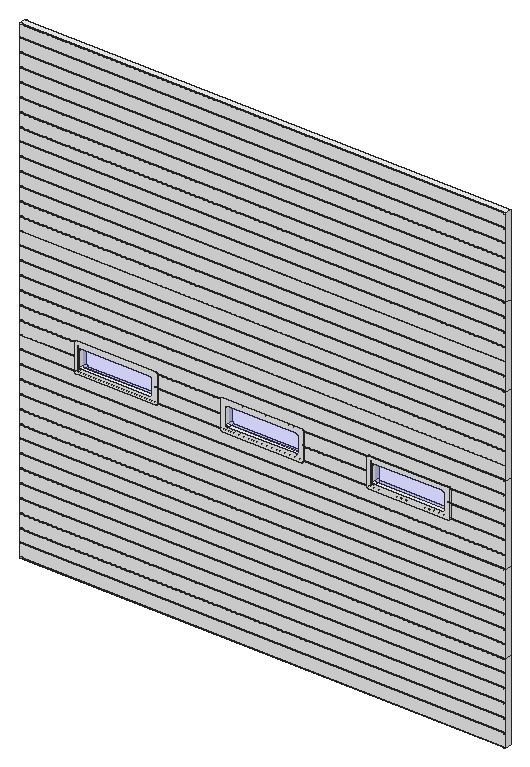
Revit family
Parameters (values of type "By Type")
  Windload = "Doors available rated for various design pressures; consult Clopay for avaialbility and specifications"
  VisSection6 = NumSections = 6  # yes
  VisSection5 = NumSections > 4  # yes
  VisSection4 = NumSections > 3  # yes
  VisSection3 = NumSections > 2  # yes
  VisArray = NumSections > 6  # no
  URL = "www.clopaydoor.com"
  Track = "Galvanized steel (gauge varies according to door size)"
  Thickness = 0' - 3"  # constant formula
  Spec Wizard = "http://www.arcat.com/specwizard/08360clo/index.htm"
  Section Height = Height / NumSections  # 2' - 0"
  Section 5 Glazing = Section : Solid
  Section 4 Glazing = Section : Solid
  Section 3 Glazing = Section : Windows - 24x8
  Sales Information = "http://www.clopaydoor.com/where-to-buy.aspx?type=dealer"
  Rough Width = 0' - 0"  # constant formula
  Rough Height = 0' - 0"  # constant formula
  R-Value = "22.2"
  Product Features and Benefits = "http://www.clopaydoor.com/insulated-polyurethane-applications.aspx"
  Overlapping Jamb = yes
  Overlap = if(Overlapping Jamb, 0' 1", 0' 0")  # 0' - 1"
  Opening Width = 12' - 0"
  Opening Height = 12' - 0"
  Omniclass Table = "23-30 10 17 37 "
  NumSectionsNotRounded = Height / 2' 0"  # 6
  NumSections = NumSectionsNotRounded + 0.4999  # 6
  NumArraySections = if(NumSections > 6, NumSections - 5, 2)  # 2
  Model = "3300"
  Maximum Size = "Maximum 14' 2'' wide by 26' 0'' high. Additional limitations may apply due to door weight. Consult Clopay for specificiations and shop drawings."  # constant formula
  Manufacturer Website = "http://www.clopaydoor.com"
  Manufacturer Phone Number = "1-800-526-4301"
  Manufacturer Address = "1400 W. Market St., Troy, OH 45373"
  Manufacturer = "Clopay Building Products Company"
  LEED = "http://products.construction.com/swts_content_files/151607/303186.pdf"
  Keynote = "08 36 13"
  Interior Steel = "28 ga. galvanized, primed, and finish painted"
  Hardware = "14 ga. min. steel hinges; 10-ball steel rollers"
  Function = (empty or 0)
  Height = Opening Height + Rough Width * 0  # 12' - 0"
  Wall Closure = (empty or 0)
  Width = Opening Width + Rough Width * 0  # 12' - 0"
  FloorToSection7 = 6 * Section Height  # 12' - 0"
  FloorToSection6 = 5 * Section Height  # 10' - 0"
  FloorToSection5 = 4 * Section Height  # 8' - 0"
  FloorToSection4 = 3 * Section Height  # 6' - 0"
  FloorToSection3 = 2 * Section Height  # 4' - 0"
  FloorToSection2 = Section Height  # 2' - 0"
  File Revision = "00 (Aug, 2010)"
  Exterior Steel = "27 ga. galvanized, primed, and finish painted"
  Double End Stiles = Door Width > 14' 2"  # no
  Door Width = Opening Width + Overlap * 2  # 12' - 2"
  Door Height = Opening Height + Rough Width * 0  # 12' - 0"
  Description = "3'' thick polystyrene insulated, stucco embossed 25 gauge steel exterior with light ribbed pattern."
  Core Material = "Expanded polyurethane"
  Copyright = "2010, Clopay Building Products Company, Inc."
  Color = White
  CAD and Specifications = "http://www.clopaydoor.com/insulated-polyurethane-specs.aspx"
  Assembly Code = "B2030410"
Reference planes (in)
  plane 1 "Center (Front/Back)": y = 0
  plane 2 "Center (Left/Right)": x = 0
  plane 3 "Left": x = -72
  plane 4 "Right": x = 72
  plane 5 "Top": z = 144
  plane 6 "Exterior": y = 3
  plane 7 "Interior": y = -3
  plane 8: z = 120
  plane 9: z = 144
Lines and regions (in)
  Opening 1
    outline origin (-90, -3, 0) x (1, 0, 0) y (0, 0, 1)
      loop
        line (18, 0) -> (162, 0) -> (162, 144) -> (18, 144) -> (18, 0)
Text (in)
  text "Exterior" at (-74.96733, 27.31104, 0), in view "Ref. Level"
  text "Interior" at (-74.96733, -25.14366, 0), in view "Ref. Level"
  text "Exterior" at (0, 40.15149, 123.01588), in view "Right"
  text "Interior" at (0, -64.39139, 123.01588), in view "Right"
  text "Interior" at (0, -31.01599, 123.00693), in view "Left"
  text "Exterior" at (0, 54.57065, 123.00693), in view "Left"
Dimensions and locks (in)
  equal spacing: plane 3 "Left", plane 2 "Center (Left/Right)", plane 4 "Right"
  "Height": level to plane 5 "Top"
  "Width": plane 3 "Left" to plane 4 "Right"
  host wall to plane 5 "Top" = 12' - 0"
  nested 1 to plane 7 "Interior" = 0' - 0 1/2"
  "FloorToSection6": plane 8 to level
  "FloorToSection7": plane 9 to level
  group 1 to group 2 = 0' - 0"  (x2)
  group 1 to group 2 = 2' - 0"
  aligned and locked: plane 3 "Left" to Opening 1 sketch curve
  aligned and locked: plane 5 "Top" to Opening 1 sketch curve  (x2)
  aligned and locked: Opening 1 sketch curve to plane 4 "Right"
  aligned and locked: Opening 1 sketch curve to level
  aligned and locked: plane 6 "Exterior" to host wall
  aligned and locked: host wall to plane 7 "Interior"
  aligned and locked: plane 2 "Center (Left/Right)" to nested 2
  aligned and locked: plane 2 "Center (Left/Right)" to nested 3
  aligned and locked: plane 2 "Center (Left/Right)" to nested 4
  aligned and locked: plane 2 "Center (Left/Right)" to nested 6
  aligned and locked: nested 6 to plane 8
  aligned and locked: nested 7 to plane 9
  aligned and locked: plane 2 "Center (Left/Right)" to nested 10
  aligned and locked: plane 7 "Interior" to nested 2
  aligned and locked: plane 7 "Interior" to nested 3
  aligned and locked: plane 7 "Interior" to nested 4  (x2)
  aligned and locked: plane 7 "Interior" to nested 10  (x2)
  aligned and locked: plane 7 "Interior" to nested 7
  aligned and locked: nested 1 to nested 7
  aligned and locked: nested 1 to nested 6
  aligned and locked: host wall to nested 3
Nested families (in)
  nested 1: "Section" at (0, 0, 0), type "Solid"
  nested 2: "Section" at (0, 0, 24), built-in parameter 1001364 <- "Section Height", type "Solid"
  nested 3: "Section" at (0, 0, 120), built-in parameter 1001364 <- "FloorToSection6", visible <- "VisSection6", type "Solid"
  nested 4: "Section" at (0, 0, 96), built-in parameter 1001364 <- "FloorToSection5", type <- "Section 5 Glazing", visible <- "VisSection5", type "Solid"
  nested 5: "Section" at (0, 0, 72), type <- "Section 4 Glazing", built-in parameter 1001364 <- "FloorToSection4", visible <- "VisSection4", type "Solid"
  nested 6: "Section" at (0, 0, 120), visible <- "VisArray", type "Solid"
  nested 7: "Section" at (0, 0, 144), visible <- "VisArray", type "Solid"
  nested 8: "Section" at (0, 4.53003, 370.39685), type "Windows - 24x8", not visible
    with X9 1' - 5 1/2", X8 1' - 5 1/2", X7 1' - 5 1/2", X6 1' - 5 1/2", X5 1' - 5 1/2", X4 1' - 5 1/2", X3 8' - 9 1/2", X2 5' - 1 1/2", NumWindows 3, Half Door Width Neg -6' - 1", Half Door Width 6' - 1", X1 1' - 5 1/2", Door Width 12' - 2"
  nested 9: "Section" at (0, 4.29993, 370.39685), type "Windows - 40x14", not visible
  nested 10: "Section" at (0, 0, 48), built-in parameter 1001364 <- "FloorToSection3", type <- "Section 3 Glazing", type "Windows - 24x8"
    with X9 1' - 5 1/2", X8 1' - 5 1/2", X7 1' - 5 1/2", X6 1' - 5 1/2", X5 1' - 5 1/2", X4 1' - 5 1/2", X3 8' - 9 1/2", X2 5' - 1 1/2", NumWindows 3, Half Door Width Neg -6' - 1", Half Door Width 6' - 1", X1 1' - 5 1/2", Door Width 12' - 2"
Definition of nested family "Section"
  Parameters (values of type "Windows - 24x12")
    X9 = if(if(NumArrayedWindows < NumWindows, NumArrayedWindows + 1, NumWindows) < 9, X1, X8 + WindowSpacing)  # 3' - 6 1/2"
    X8 = if(if(NumArrayedWindows < NumWindows, NumArrayedWindows + 1, NumWindows) < 8, X1, X7 + WindowSpacing)  # 3' - 6 1/2"
    X7 = if(if(NumArrayedWindows < NumWindows, NumArrayedWindows + 1, NumWindows) < 7, X1, X6 + WindowSpacing)  # 3' - 6 1/2"
    X6 = if(if(NumArrayedWindows < NumWindows, NumArrayedWindows + 1, NumWindows) < 6, X1, X5 + WindowSpacing)  # 3' - 6 1/2"
    X5 = if(if(NumArrayedWindows < NumWindows, NumArrayedWindows + 1, NumWindows) < 5, X1, X4 + WindowSpacing)  # 3' - 6 1/2"
    X4 = if(if(NumArrayedWindows < NumWindows, NumArrayedWindows + 1, NumWindows) < 4, X1, X3 + WindowSpacing)  # 10' - 10 1/2"
    X3 = if(or(NumWindows < 3, SingleWindowVis), X1, X2 + WindowSpacing)  # 7' - 2 1/2"
    X2 = if(NumWindows < 2, ((Door Width - (NumWindows - 1) * WindowSpacing) / 2 - Cutout Width / 2), ((Door Width - (NumWindows - 1) * WindowSpacing) / 2 - Cutout Width / 2) + WindowSpacing)  # 3' - 6 1/2"
    Windows (2) = 3200 Window : 24x12
    Windows = 3200 Window Array : 24x12
    WindowSpacing = if(and(Door Width < 10' 0", Door Width > 9' 2"), 3' 4", 3' 8")  # 3' - 8"
    WindowArrayVis = and(or(and(Window Type Index = 4, Door Width > 7' 6", Door Width < 16' 3"), Window Type Index = 3, Window Type Index = 2), not(SingleWindowVis))  # yes
    WindowCutDepth = if(or(Window Type Index = 1, and(Door Width < 7' 8", Window Type Index = 4), and(Window Type Index = 4, Door Width > 16' 2")), -0' 0 13/128", 0' 2")  # 0' - 2"
    Window Type Index = 3
    SingleWindowVis = and(X2 = X1, NumWindows = 3, Window Type Index = 4)  # no
    Section Height = 2' - 0"
    RibSpacing = Section Height / (NumRibs + 1)  # 0' - 4"
    NumWindows = if(Door Width < 9' 4", 2, if(Door Width < 13' 4", 3, if(Door Width < 16' 4", 4, if(Door Width < 20' 4", 5, if(Door Width < 24' 4", 6, if(Door Width < 26' 4", 7, if(Door Width < 31' 8", 8, 10)))))))  # 5
    NumRibs = if(Section Height < 1' 9", 3, if(Section Height < 2' 0", 4, 5))  # 5
    NumArrayedWindows = if(X2 = X1, if(NumWindows < 4, 2, NumWindows - 2), NumWindows)  # 3
    Half Section Height = Section Height / 2  # 1' - 0"
    Half Door Width Neg = -Half Door Width  # -8' - 2"
    Half Door Width = Door Width / 2  # 8' - 2"
    Half Cutout Height = Cutout Height / 2  # 0' - 5 1/2"
    Function = (empty or 0)
    Height = 0' - 0"
    Wall Closure = (empty or 0)
    Width = 0' - 0"
    X1 = if(if(Window Type Index = 4, if(or(and(Door Width < 11' 0", Door Width > 9' 2"), and(Door Width < 15' 3", Door Width > 13' 2")), X2, (Door Width - (NumWindows - 1) * WindowSpacing) / 2 - Cutout Width / 2), if(or(and(Door Width > 16' 2", Door Width < 16' 7")), X2, (Door Width - (NumWindows - 1) * WindowSpacing) / 2 - Cutout Width / 2)) < 0' 1", 0' 1", if(Window Type Index = 4, if(or(and(Door Width < 11' 0", Door Width > 9' 2"), and(Door Width < 15' 3", Door Width > 13' 2")), X2, (Door Width - (NumWindows - 1) * WindowSpacing) / 2 - Cutout Width / 2), if(or(and(Door Width > 16' 2", Door Width < 16' 7")), X2, (Door Width - (NumWindows - 1) * WindowSpacing) / 2 - Cutout Width / 2)))  # 3' - 6 1/2"
    Door Width = 16' - 4"
    CutoutToCutout = 1' - 0"
    Cutout Width = if(Window Type Index = 4, 3' 2", 1' 11")  # 1' - 11"
    Cutout Height = if(Window Type Index = 4, 1' 0", if(Window Type Index = 3, 0' 11", 0' 7"))  # 0' - 11"
    Color = White
    BtmTo1stRib = RibSpacing  # 0' - 4"
    Assembly Code = ""
  Types (4): name | X9 | X8 | X7 | X6 | X5 | X4 | X3 | X2 | Windows (2) | Windows | WindowArrayVis | WindowCutDepth | Window Type Index | NumWindows | Half Door Width Neg | Half Door Width | Half Cutout Height | X1 | Door Width | Cutout Width | Cutout Height
    Windows - 24x12 | 3' - 6 1/2" | 3' - 6 1/2" | 3' - 6 1/2" | 3' - 6 1/2" | 3' - 6 1/2" | 10' - 10 1/2" | 7' - 2 1/2" | 3' - 6 1/2" | 3200 Window : 24x12 | 3200 Window Array : 24x12 | yes | 0' - 2" | 3 | 5 | -8' - 2" | 8' - 2" | 0' - 5 1/2" | 3' - 6 1/2" | 16' - 4" | 1' - 11" | 0' - 11"
    Windows - 24x8 | 3' - 6 1/2" | 3' - 6 1/2" | 3' - 6 1/2" | 3' - 6 1/2" | 3' - 6 1/2" | 10' - 10 1/2" | 7' - 2 1/2" | 3' - 6 1/2" | 3200 Window : 24x8 | 3200 Window Array : 24x8 | yes | 0' - 2" | 2 | 5 | -8' - 2" | 8' - 2" | 0' - 3 1/2" | 3' - 6 1/2" | 16' - 4" | 1' - 11" | 0' - 7"
    Solid | 1' - 5 1/2" | 1' - 5 1/2" | 1' - 5 1/2" | 1' - 5 1/2" | 1' - 5 1/2" | 1' - 5 1/2" | 8' - 9 1/2" | 5' - 1 1/2" | 3200 Window : 24x8 | 3200 Window : 24x8 | no | -0' - 0 13/128" | 1 | 3 | -6' - 1" | 6' - 1" | 0' - 3 1/2" | 1' - 5 1/2" | 12' - 2" | 1' - 11" | 0' - 7"
    Windows - 40x14 | 0' - 10" | 0' - 10" | 0' - 10" | 0' - 10" | 0' - 10" | 0' - 10" | 8' - 2" | 4' - 6" | 3200 Window : 40x14 | 3200 Window Array : 40x14 | yes | 0' - 2" | 4 | 3 | -6' - 1" | 6' - 1" | 0' - 6" | 0' - 10" | 12' - 2" | 3' - 2" | 1' - 0"
  Reference planes (in)
    plane 1 "Center (Front/Back)": y = 0
    plane 2 "Center (Left/Right)": x = 0
    plane 3 "Exterior": y = 3
    plane 4 "Interior": y = -3
    plane 5: y = -3.5
    plane 6: x = 98
    plane 7: x = -98
    plane 8: z = 4
    plane 9: z = 8
    plane 10: z = 24
    plane 11: z = 12
    plane 12: z = 0
  Forms (in)
    Extrusion 1, solid, material "White" <- "Color"
      sketch origin (-98, -12, 83.08252) x (0, 0, 1) y (0, -1, 0)
        loop
          line (-59.08252, -8.37573) -> (-59.08252, -6.62444)
          arc (-59.08252, -6.62444) -> (-59.11897, -6.53645) -> (-59.20696, -6.5) r 0.12444
          line (-59.20696, -6.5) -> (-82.95809, -6.5)
          arc (-82.95809, -6.5) -> (-83.04608, -6.53645) -> (-83.08252, -6.62444) r 0.12444
          line (-83.08252, -6.62444) -> (-83.08252, -8.37573)
          arc (-83.08252, -8.37573) -> (-83.04612, -8.4636) -> (-82.95825, -8.5) r 0.12427
          line (-82.95825, -8.5) -> (-59.20679, -8.5)
          arc (-59.20679, -8.5) -> (-59.11892, -8.4636) -> (-59.08252, -8.37573) r 0.12427
      from 0 to 196 <- "Door Width"
    Extrusion 2, void
      sketch origin (-98.15385, -3.5, 48) x (1, 0, 0) y (0, 0, 1)
        loop
          line (153.65385, -30.5) -> (130.65385, -30.5) -> (130.65385, -36) -> (153.65385, -36) -> (153.65385, -30.5)
      from 0 to 2 <- "WindowCutDepth"
    Extrusion 3, void
      sketch origin (-98.15385, -3.5, -24) x (1, 0, 0) y (0, 0, 1)
        loop
          line (153.65385, 30.5) -> (153.65385, 36) -> (130.65385, 36) -> (130.65385, 30.5) -> (153.65385, 30.5)
      from 0 to 2 <- "WindowCutDepth"
    Extrusion 4, void
      sketch origin (-136.15385, -3.5, 48) x (1, 0, 0) y (0, 0, 1)
        loop
          line (191.65385, -30.5) -> (168.65385, -30.5) -> (168.65385, -36) -> (191.65385, -36) -> (191.65385, -30.5)
      from 0 to 2 <- "WindowCutDepth"
    Extrusion 5, void
      sketch origin (-136.15385, -3.5, -24) x (1, 0, 0) y (0, 0, 1)
        loop
          line (191.65385, 30.5) -> (191.65385, 36) -> (168.65385, 36) -> (168.65385, 30.5) -> (191.65385, 30.5)
      from 0 to 2 <- "WindowCutDepth"
    Extrusion 6, void
      sketch origin (-171.15385, -3.5, 48) x (1, 0, 0) y (0, 0, 1)
        loop
          line (182.65385, -30.5) -> (159.65385, -30.5) -> (159.65385, -36) -> (182.65385, -36) -> (182.65385, -30.5)
      from 0 to 2 <- "WindowCutDepth"
    Extrusion 7, void
      sketch origin (-171.15385, -3.5, -24) x (1, 0, 0) y (0, 0, 1)
        loop
          line (182.65385, 30.5) -> (182.65385, 36) -> (159.65385, 36) -> (159.65385, 30.5) -> (182.65385, 30.5)
      from 0 to 2 <- "WindowCutDepth"
    Extrusion 8, void
      sketch origin (-214.15385, -3.5, 48) x (1, 0, 0) y (0, 0, 1)
        loop
          line (181.65385, -30.5) -> (158.65385, -30.5) -> (158.65385, -36) -> (181.65385, -36) -> (181.65385, -30.5)
      from 0 to 2 <- "WindowCutDepth"
    Extrusion 9, void
      sketch origin (-214.15385, -3.5, -24) x (1, 0, 0) y (0, 0, 1)
        loop
          line (181.65385, 30.5) -> (181.65385, 36) -> (158.65385, 36) -> (158.65385, 30.5) -> (181.65385, 30.5)
      from 0 to 2 <- "WindowCutDepth"
    Extrusion 10, void
      sketch origin (-256.15385, -3.5, 48) x (1, 0, 0) y (0, 0, 1)
        loop
          line (311.65385, -30.5) -> (288.65385, -30.5) -> (288.65385, -36) -> (311.65385, -36) -> (311.65385, -30.5)
      from 0 to 2 <- "WindowCutDepth"
    Extrusion 11, void
      sketch origin (-256.15385, -3.5, -24) x (1, 0, 0) y (0, 0, 1)
        loop
          line (311.65385, 30.5) -> (311.65385, 36) -> (288.65385, 36) -> (288.65385, 30.5) -> (311.65385, 30.5)
      from 0 to 2 <- "WindowCutDepth"
    Extrusion 12, void
      sketch origin (-294.15385, -3.5, 48) x (1, 0, 0) y (0, 0, 1)
        loop
          line (349.65385, -30.5) -> (326.65385, -30.5) -> (326.65385, -36) -> (349.65385, -36) -> (349.65385, -30.5)
      from 0 to 2 <- "WindowCutDepth"
    Extrusion 13, void
      sketch origin (-294.15385, -3.5, -24) x (1, 0, 0) y (0, 0, 1)
        loop
          line (349.65385, 30.5) -> (349.65385, 36) -> (326.65385, 36) -> (326.65385, 30.5) -> (349.65385, 30.5)
      from 0 to 2 <- "WindowCutDepth"
    Extrusion 14, void
      sketch origin (-331.15385, -3.5, 48) x (1, 0, 0) y (0, 0, 1)
        loop
          line (386.65385, -30.5) -> (363.65385, -30.5) -> (363.65385, -36) -> (386.65385, -36) -> (386.65385, -30.5)
      from 0 to 2 <- "WindowCutDepth"
    Extrusion 15, void
      sketch origin (-331.15385, -3.5, -24) x (1, 0, 0) y (0, 0, 1)
        loop
          line (386.65385, 30.5) -> (386.65385, 36) -> (363.65385, 36) -> (363.65385, 30.5) -> (386.65385, 30.5)
      from 0 to 2 <- "WindowCutDepth"
    Extrusion 16, void
      sketch origin (-368.15385, -3.5, 48) x (1, 0, 0) y (0, 0, 1)
        loop
          line (423.65385, -30.5) -> (400.65385, -30.5) -> (400.65385, -36) -> (423.65385, -36) -> (423.65385, -30.5)
      from 0 to 2 <- "WindowCutDepth"
    Extrusion 17, void
      sketch origin (-368.15385, -3.5, -24) x (1, 0, 0) y (0, 0, 1)
        loop
          line (423.65385, 30.5) -> (423.65385, 36) -> (400.65385, 36) -> (400.65385, 30.5) -> (423.65385, 30.5)
      from 0 to 2 <- "WindowCutDepth"
    Extrusion 18, void
      sketch origin (-407.15385, -3.5, 48) x (1, 0, 0) y (0, 0, 1)
        loop
          line (462.65385, -30.5) -> (439.65385, -30.5) -> (439.65385, -36) -> (462.65385, -36) -> (462.65385, -30.5)
      from 0 to 2 <- "WindowCutDepth"
    Extrusion 19, void
      sketch origin (-407.15385, -3.5, -24) x (1, 0, 0) y (0, 0, 1)
        loop
          line (462.65385, 30.5) -> (462.65385, 36) -> (439.65385, 36) -> (439.65385, 30.5) -> (462.65385, 30.5)
      from 0 to 2 <- "WindowCutDepth"
    Extrusion 20, void
      sketch origin (0, -17.99967, -0.5) x (0, 1, 0) y (0, 0, -1)
        loop
          line (14.49967, -4.62727) -> (14.49967, -4.37273) -> (14.46935, -4.41942)
          arc (14.46935, -4.41942) -> (14.46214, -4.43506) -> (14.45967, -4.4521) r 0.06
          line (14.45967, -4.4521) -> (14.45967, -4.5479)
          arc (14.45967, -4.5479) -> (14.46214, -4.56494) -> (14.46935, -4.58058) r 0.06
          line (14.46935, -4.58058) -> (14.49967, -4.62727)
      from -98 <- "Half Door Width Neg" to 196 <- "Door Width"
    Extrusion 21, void
      sketch origin (0, -17.99967, 3.5) x (0, 1, 0) y (0, 0, -1)
        loop
          line (14.49967, -4.62727) -> (14.49967, -4.37273) -> (14.46935, -4.41942)
          arc (14.46935, -4.41942) -> (14.46214, -4.43506) -> (14.45967, -4.4521) r 0.06
          line (14.45967, -4.4521) -> (14.45967, -4.5479)
          arc (14.45967, -4.5479) -> (14.46214, -4.56494) -> (14.46935, -4.58058) r 0.06
          line (14.46935, -4.58058) -> (14.49967, -4.62727)
      from -98 <- "Half Door Width Neg" to 196 <- "Door Width"
    Extrusion 22, void
      sketch origin (0, -17.99967, 7.5) x (0, 1, 0) y (0, 0, -1)
        loop
          line (14.49967, -4.62727) -> (14.49967, -4.37273) -> (14.46935, -4.41942)
          arc (14.46935, -4.41942) -> (14.46214, -4.43506) -> (14.45967, -4.4521) r 0.06
          line (14.45967, -4.4521) -> (14.45967, -4.5479)
          arc (14.45967, -4.5479) -> (14.46214, -4.56494) -> (14.46935, -4.58058) r 0.06
          line (14.46935, -4.58058) -> (14.49967, -4.62727)
      from -98 <- "Half Door Width Neg" to 196 <- "Door Width"
    Extrusion 23, void
      sketch origin (0, -8.99984, -0.5) x (0, 1, 0) y (0, 0, -1)
        loop
          line (3.5, -4.62727) -> (3.53032, -4.58058)
          arc (3.53032, -4.58058) -> (3.53753, -4.56494) -> (3.54, -4.5479) r 0.06
          line (3.54, -4.5479) -> (3.54, -4.4521)
          arc (3.54, -4.4521) -> (3.53753, -4.43506) -> (3.53032, -4.41942) r 0.06
          line (3.53032, -4.41942) -> (3.5, -4.37273) -> (3.5, -4.62727)
      from -98 <- "Half Door Width Neg" to 196 <- "Door Width"
    Extrusion 24, void
      sketch origin (0, -8.99984, 3.5) x (0, 1, 0) y (0, 0, -1)
        loop
          line (3.5, -4.62727) -> (3.53032, -4.58058)
          arc (3.53032, -4.58058) -> (3.53753, -4.56494) -> (3.54, -4.5479) r 0.06
          line (3.54, -4.5479) -> (3.54, -4.4521)
          arc (3.54, -4.4521) -> (3.53753, -4.43506) -> (3.53032, -4.41942) r 0.06
          line (3.53032, -4.41942) -> (3.5, -4.37273) -> (3.5, -4.62727)
      from -98 <- "Half Door Width Neg" to 196 <- "Door Width"
    Extrusion 25, void
      sketch origin (0, -8.99984, 7.5) x (0, 1, 0) y (0, 0, -1)
        loop
          line (3.5, -4.62727) -> (3.53032, -4.58058)
          arc (3.53032, -4.58058) -> (3.53753, -4.56494) -> (3.54, -4.5479) r 0.06
          line (3.54, -4.5479) -> (3.54, -4.4521)
          arc (3.54, -4.4521) -> (3.53753, -4.43506) -> (3.53032, -4.41942) r 0.06
          line (3.53032, -4.41942) -> (3.5, -4.37273) -> (3.5, -4.62727)
      from -98 <- "Half Door Width Neg" to 196 <- "Door Width"
    Extrusion 26, void
      sketch origin (0, -17.99967, 11.5) x (0, 1, 0) y (0, 0, -1)
        loop
          line (14.49967, -4.62727) -> (14.49967, -4.37273) -> (14.46935, -4.41942)
          arc (14.46935, -4.41942) -> (14.46214, -4.43506) -> (14.45967, -4.4521) r 0.06
          line (14.45967, -4.4521) -> (14.45967, -4.5479)
          arc (14.45967, -4.5479) -> (14.46214, -4.56494) -> (14.46935, -4.58058) r 0.06
          line (14.46935, -4.58058) -> (14.49967, -4.62727)
      from -98 <- "Half Door Width Neg" to 196 <- "Door Width"
    Extrusion 27, void
      sketch origin (0, -8.99984, 15.5) x (0, 1, 0) y (0, 0, -1)
        loop
          line (5.49984, -4.62727) -> (5.49984, -4.37273) -> (5.46952, -4.41942)
          arc (5.46952, -4.41942) -> (5.46231, -4.43506) -> (5.45984, -4.4521) r 0.06
          line (5.45984, -4.4521) -> (5.45984, -4.5479)
          arc (5.45984, -4.5479) -> (5.46231, -4.56494) -> (5.46952, -4.58058) r 0.06
          line (5.46952, -4.58058) -> (5.49984, -4.62727)
      from -98 <- "Half Door Width Neg" to 196 <- "Door Width"
    Extrusion 28, void
      sketch origin (0, -8.99984, 11.5) x (0, 1, 0) y (0, 0, -1)
        loop
          line (3.5, -4.62727) -> (3.53032, -4.58058)
          arc (3.53032, -4.58058) -> (3.53753, -4.56494) -> (3.54, -4.5479) r 0.06
          line (3.54, -4.5479) -> (3.54, -4.4521)
          arc (3.54, -4.4521) -> (3.53753, -4.43506) -> (3.53032, -4.41942) r 0.06
          line (3.53032, -4.41942) -> (3.5, -4.37273) -> (3.5, -4.62727)
      from -98 <- "Half Door Width Neg" to 196 <- "Door Width"
    Extrusion 29, void
      sketch origin (0, -8.99984, 15.5) x (0, 1, 0) y (0, 0, -1)
        loop
          line (3.5, -4.62727) -> (3.53032, -4.58058)
          arc (3.53032, -4.58058) -> (3.53753, -4.56494) -> (3.54, -4.5479) r 0.06
          line (3.54, -4.5479) -> (3.54, -4.4521)
          arc (3.54, -4.4521) -> (3.53753, -4.43506) -> (3.53032, -4.41942) r 0.06
          line (3.53032, -4.41942) -> (3.5, -4.37273) -> (3.5, -4.62727)
      from -98 <- "Half Door Width Neg" to 196 <- "Door Width"
  Cuts and joins
    Extrusion 2, Extrusion 3, Extrusion 4, Extrusion 5, Extrusion 6, Extrusion 7, Extrusion 8, Extrusion 9, Extrusion 10, Extrusion 11, Extrusion 12, Extrusion 13, Extrusion 14, Extrusion 15, Extrusion 16, Extrusion 17, Extrusion 18, Extrusion 19, Extrusion 20, Extrusion 21, Extrusion 22, Extrusion 23, Extrusion 24, Extrusion 25, Extrusion 26, Extrusion 27, Extrusion 28, Extrusion 29 cuts Extrusion 1
  Lines and regions (in)
    reference lines
      curve 1: line (-72, -3.54, 4) -> (-72, -3.5, 4)
      curve 2: line (-72, -3.54, 8) -> (-72, -3.5, 8)
      curve 3: line (-72, -3.54, 12) -> (-72, -3.5, 12)
      curve 4: line (-72, -5.45984, 4) -> (-72, -5.49984, 4)
      curve 5: line (-72, -5.45984, 8) -> (-72, -5.49984, 8)
      curve 6: line (-72, -5.45984, 12) -> (-72, -5.49984, 12)
      curve 7: line (-72, -3.54, 16) -> (-72, -3.5, 16)
      curve 8: line (-72, -3.54, 20) -> (-72, -3.5, 20)
      curve 9: line (-72, -5.45984, 16) -> (-72, -5.49984, 16)
      curve 10: line (-72, -5.45984, 20) -> (-72, -5.49984, 20)
  Text (in)
    text "Exterior" at (-74.96733, 27.31104, 0), in view "Ref. Level"
    text "Interior" at (-74.96733, -25.14366, 0), in view "Ref. Level"
    text "Exterior" at (0, 40.15149, 123.01588), in view "Right"
    text "Interior" at (0, -64.39139, 123.01588), in view "Right"
    text "Interior" at (0, -31.01599, 123.00693), in view "Left"
    text "Exterior" at (0, 54.57065, 123.00693), in view "Left"
  Dimensions and locks (in)
    plane 4 "Interior" to plane 5 = 0' - 0 1/2"
    "Half Door Width": plane 2 "Center (Left/Right)" to plane 7
    "Half Door Width": plane 6 to plane 2 "Center (Left/Right)"
    Extrusion 1 sketch curve to Extrusion 1 sketch curve = 0' - 2"
    "BtmTo1stRib": plane 8 to level
    "RibSpacing": plane 9 to plane 8
    "Section Height": plane 10 to level
    "Half Section Height": level to plane 11
    "Cutout Width": Extrusion 2 sketch curve to Extrusion 2 sketch curve
    "Half Cutout Height": Extrusion 2 sketch curve to Extrusion 2 sketch curve
    "Cutout Width": Extrusion 3 sketch curve to Extrusion 3 sketch curve
    "Half Cutout Height": Extrusion 3 sketch curve to Extrusion 3 sketch curve
    "X1": cut or joined group 1 (Extrusion 1, Extrusion 2, Extrusion 3, Extrusion 4, Extrusion 5, Extrusion 6, Extrusion 7, Extrusion 8, Extrusion 9, Extrusion 10, Extrusion 11, Extrusion 12, Extrusion 13, Extrusion 14, Extrusion 15, Extrusion 16, Extrusion 17, Extrusion 18, Extrusion 19, Extrusion 20, Extrusion 21, Extrusion 22, Extrusion 23, Extrusion 24, Extrusion 25, Extrusion 26, Extrusion 27, Extrusion 28, Extrusion 29) to cut or joined group 1
    "Cutout Width": Extrusion 4 sketch curve to Extrusion 4 sketch curve
    "Half Cutout Height": Extrusion 4 sketch curve to Extrusion 4 sketch curve
    "Cutout Width": Extrusion 5 sketch curve to Extrusion 5 sketch curve
    "Half Cutout Height": Extrusion 5 sketch curve to Extrusion 5 sketch curve
    "Cutout Width": Extrusion 6 sketch curve to Extrusion 6 sketch curve
    "Half Cutout Height": Extrusion 6 sketch curve to Extrusion 6 sketch curve
    "Cutout Width": Extrusion 7 sketch curve to Extrusion 7 sketch curve
    "Half Cutout Height": Extrusion 7 sketch curve to Extrusion 7 sketch curve
    "X2": plane 6 to cut or joined group 1
    "X3": plane 6 to cut or joined group 1
    "Cutout Width": Extrusion 8 sketch curve to Extrusion 8 sketch curve
    "Half Cutout Height": Extrusion 8 sketch curve to Extrusion 8 sketch curve
    "Cutout Width": Extrusion 9 sketch curve to Extrusion 9 sketch curve
    "Half Cutout Height": Extrusion 9 sketch curve to Extrusion 9 sketch curve
    "Cutout Width": Extrusion 10 sketch curve to Extrusion 10 sketch curve
    "Half Cutout Height": Extrusion 10 sketch curve to Extrusion 10 sketch curve
    "Cutout Width": Extrusion 11 sketch curve to Extrusion 11 sketch curve
    "Half Cutout Height": Extrusion 11 sketch curve to Extrusion 11 sketch curve
    "Cutout Width": Extrusion 12 sketch curve to Extrusion 12 sketch curve
    "Half Cutout Height": Extrusion 12 sketch curve to Extrusion 12 sketch curve
    "Cutout Width": Extrusion 13 sketch curve to Extrusion 13 sketch curve
    "Half Cutout Height": Extrusion 13 sketch curve to Extrusion 13 sketch curve
    "Cutout Width": Extrusion 14 sketch curve to Extrusion 14 sketch curve
    "Half Cutout Height": Extrusion 14 sketch curve to Extrusion 14 sketch curve
    "Cutout Width": Extrusion 15 sketch curve to Extrusion 15 sketch curve
    "Half Cutout Height": Extrusion 15 sketch curve to Extrusion 15 sketch curve
    "Cutout Width": Extrusion 16 sketch curve to Extrusion 16 sketch curve
    "Half Cutout Height": Extrusion 16 sketch curve to Extrusion 16 sketch curve
    "Cutout Width": Extrusion 17 sketch curve to Extrusion 17 sketch curve
    "Half Cutout Height": Extrusion 17 sketch curve to Extrusion 17 sketch curve
    "Cutout Width": Extrusion 18 sketch curve to Extrusion 18 sketch curve
    "Half Cutout Height": Extrusion 18 sketch curve to Extrusion 18 sketch curve
    "Cutout Width": Extrusion 19 sketch curve to Extrusion 19 sketch curve
    "Half Cutout Height": Extrusion 19 sketch curve to Extrusion 19 sketch curve
    "X4": plane 6 to cut or joined group 1
    "X5": plane 6 to cut or joined group 1
    "X6": plane 6 to cut or joined group 1
    "X7": plane 6 to cut or joined group 1
    "X8": plane 6 to cut or joined group 1
    "X9": plane 6 to cut or joined group 1
    locked: nested 1 to cut or joined group 1 at 1  (x2)
    locked: nested 1 to cut or joined group 1 at 0.125
    locked: nested 2 to cut or joined group 1 at 1  (x2)
    locked: nested 2 to plane 5 at 0.125
    Extrusion 20 sketch curve to Extrusion 20 sketch curve = 0' - 0.25454"
    Extrusion 20 sketch curve to Extrusion 20 sketch curve = 0' - 0.04"  (x2)
    Extrusion 20 sketch curve to curve 1 = 0' - 0.12727"
    Extrusion 21 sketch curve to Extrusion 21 sketch curve = 0' - 0.25454"
    Extrusion 21 sketch curve to Extrusion 21 sketch curve = 0' - 0.04"  (x2)
    Extrusion 21 sketch curve to curve 2 = 0' - 0.12727"
    equal spacing: group 1, group 2, group 3, group 7, group 8  (x3)
    Extrusion 22 sketch curve to Extrusion 22 sketch curve = 0' - 0.25454"
    Extrusion 22 sketch curve to Extrusion 22 sketch curve = 0' - 0.04"  (x2)
    Extrusion 22 sketch curve to curve 3 = 0' - 0.12727"
    locked: plane 5 to plane 4 "Interior" at 0.5
    Extrusion 23 sketch curve to Extrusion 23 sketch curve = 0' - 0.25454"
    Extrusion 23 sketch curve to Extrusion 23 sketch curve = 0' - 0.04"  (x2)
    Extrusion 23 sketch curve to curve 4 = 0' - 0.12727"
    Extrusion 24 sketch curve to Extrusion 24 sketch curve = 0' - 0.25454"
    Extrusion 24 sketch curve to Extrusion 24 sketch curve = 0' - 0.04"  (x2)
    Extrusion 24 sketch curve to curve 5 = 0' - 0.12727"
    equal spacing: group 4, group 5, group 6, group 9, group 10  (x3)
    Extrusion 25 sketch curve to Extrusion 25 sketch curve = 0' - 0.25454"
    Extrusion 25 sketch curve to Extrusion 25 sketch curve = 0' - 0.04"  (x2)
    Extrusion 25 sketch curve to curve 6 = 0' - 0.12727"
    Extrusion 26 sketch curve to Extrusion 26 sketch curve = 0' - 0.25454"
    Extrusion 26 sketch curve to Extrusion 26 sketch curve = 0' - 0.04"  (x2)
    Extrusion 26 sketch curve to curve 7 = 0' - 0.12727"
    Extrusion 27 sketch curve to Extrusion 27 sketch curve = 0' - 0.25454"
    Extrusion 27 sketch curve to Extrusion 27 sketch curve = 0' - 0.04"  (x2)
    Extrusion 27 sketch curve to curve 8 = 0' - 0.12727"
    Extrusion 28 sketch curve to Extrusion 28 sketch curve = 0' - 0.25454"
    Extrusion 28 sketch curve to Extrusion 28 sketch curve = 0' - 0.04"  (x2)
    Extrusion 28 sketch curve to curve 9 = 0' - 0.12727"
    Extrusion 29 sketch curve to Extrusion 29 sketch curve = 0' - 0.25454"
    Extrusion 29 sketch curve to Extrusion 29 sketch curve = 0' - 0.04"  (x2)
    Extrusion 29 sketch curve to curve 10 = 0' - 0.12727"
    radius of Extrusion 1 sketch curve = 0' - 0.12427"  (x2)
    radius of Extrusion 1 sketch curve = 0' - 0.12444"  (x2)
    angle Extrusion 20 sketch curve to Extrusion 20 sketch curve = 147.00°  (x2)
    angle Extrusion 21 sketch curve to Extrusion 21 sketch curve = 147.00°  (x2)
    angle Extrusion 22 sketch curve to Extrusion 22 sketch curve = 147.00°  (x2)
    angle Extrusion 23 sketch curve to Extrusion 23 sketch curve = 147.00°  (x2)
    angle Extrusion 24 sketch curve to Extrusion 24 sketch curve = 147.00°  (x2)
    angle Extrusion 25 sketch curve to Extrusion 25 sketch curve = 147.00°  (x2)
    angle Extrusion 26 sketch curve to Extrusion 26 sketch curve = 147.00°  (x2)
    angle Extrusion 27 sketch curve to Extrusion 27 sketch curve = 147.00°  (x2)
    angle Extrusion 28 sketch curve to Extrusion 28 sketch curve = 147.00°  (x2)
    angle Extrusion 29 sketch curve to Extrusion 29 sketch curve = 147.00°  (x2)
    aligned and locked: Extrusion 1 sketch curve to plane 5
    aligned and locked: Extrusion 2 sketch curve to plane 11
    aligned and locked: plane 11 to Extrusion 3 sketch curve
    aligned and locked: cut or joined group 1 to cut or joined group 1  (x9)
    aligned and locked: plane 12 to level
    aligned: plane 9 to curve 2  (x2)
    aligned and locked: plane 8 to curve 4
    aligned and locked: curve 5 to plane 9
    aligned and locked: plane 8 to curve 1
    aligned and locked: plane 9 to curve 2
  Automatic sketch dimensions
    curve 1 to curve 1 = 0' - 0.04"
    Extrusion 20 sketch curve to Extrusion 20 sketch curve = 0' - 0"
    Extrusion 20 sketch curve to Extrusion 20 sketch curve = 0' - 0.02"
    Extrusion 20 sketch curve to Extrusion 20 sketch curve = 0' - 0.00968"  (x2)
    Extrusion 21 sketch curve to Extrusion 21 sketch curve = 0' - 0"
    Extrusion 21 sketch curve to Extrusion 21 sketch curve = 0' - 0.02"
    Extrusion 21 sketch curve to Extrusion 21 sketch curve = 0' - 0.00968"  (x2)
    Extrusion 22 sketch curve to Extrusion 22 sketch curve = 0' - 0"
    Extrusion 22 sketch curve to Extrusion 22 sketch curve = 0' - 0.02"
    Extrusion 22 sketch curve to Extrusion 22 sketch curve = 0' - 0.00968"  (x2)
    Extrusion 23 sketch curve to Extrusion 23 sketch curve = 0' - 0"
    Extrusion 23 sketch curve to Extrusion 23 sketch curve = 0' - 0.02"
    Extrusion 23 sketch curve to Extrusion 23 sketch curve = 0' - 0.00968"  (x2)
    Extrusion 1 sketch curve to level = 0' - 0"
    Extrusion 1 sketch curve to plane 10 = 0' - 0"
    plane 2 "Center (Left/Right)" to Extrusion 2 sketch curve = 2' - 8 1/2"
    plane 2 "Center (Left/Right)" to Extrusion 3 sketch curve = 2' - 8 1/2"
    Extrusion 4 sketch curve to plane 11 = 0' - 0"
    plane 2 "Center (Left/Right)" to Extrusion 4 sketch curve = 2' - 8 1/2"
    Extrusion 5 sketch curve to plane 11 = 0' - 0"
    plane 2 "Center (Left/Right)" to Extrusion 5 sketch curve = 2' - 8 1/2"
    Extrusion 6 sketch curve to plane 11 = 0' - 0"
    plane 7 to Extrusion 6 sketch curve = 7' - 2 1/2"
    Extrusion 7 sketch curve to plane 11 = 0' - 0"
    plane 7 to Extrusion 7 sketch curve = 7' - 2 1/2"
    Extrusion 8 sketch curve to plane 11 = 0' - 0"
    Extrusion 8 sketch curve to plane 2 "Center (Left/Right)" = 4' - 7 1/2"
    Extrusion 9 sketch curve to plane 11 = 0' - 0"
    Extrusion 9 sketch curve to plane 2 "Center (Left/Right)" = 4' - 7 1/2"
    Extrusion 10 sketch curve to plane 11 = 0' - 0"
    plane 2 "Center (Left/Right)" to Extrusion 10 sketch curve = 2' - 8 1/2"
    Extrusion 11 sketch curve to plane 11 = 0' - 0"
    plane 2 "Center (Left/Right)" to Extrusion 11 sketch curve = 2' - 8 1/2"
    Extrusion 12 sketch curve to plane 11 = 0' - 0"
    plane 2 "Center (Left/Right)" to Extrusion 12 sketch curve = 2' - 8 1/2"
    Extrusion 13 sketch curve to plane 11 = 0' - 0"
    plane 2 "Center (Left/Right)" to Extrusion 13 sketch curve = 2' - 8 1/2"
    Extrusion 14 sketch curve to plane 11 = 0' - 0"
    plane 2 "Center (Left/Right)" to Extrusion 14 sketch curve = 2' - 8 1/2"
    Extrusion 15 sketch curve to plane 11 = 0' - 0"
    plane 2 "Center (Left/Right)" to Extrusion 15 sketch curve = 2' - 8 1/2"
    Extrusion 16 sketch curve to plane 11 = 0' - 0"
    plane 2 "Center (Left/Right)" to Extrusion 16 sketch curve = 2' - 8 1/2"
    Extrusion 17 sketch curve to plane 11 = 0' - 0"
    plane 2 "Center (Left/Right)" to Extrusion 17 sketch curve = 2' - 8 1/2"
    Extrusion 18 sketch curve to plane 11 = 0' - 0"
    plane 2 "Center (Left/Right)" to Extrusion 18 sketch curve = 2' - 8 1/2"
    Extrusion 19 sketch curve to plane 11 = 0' - 0"
    plane 2 "Center (Left/Right)" to Extrusion 19 sketch curve = 2' - 8 1/2"
    Extrusion 24 sketch curve to Extrusion 24 sketch curve = 0' - 0"
    Extrusion 24 sketch curve to Extrusion 24 sketch curve = 0' - 0.02"
    Extrusion 24 sketch curve to Extrusion 24 sketch curve = 0' - 0.00968"  (x2)
    Extrusion 25 sketch curve to Extrusion 25 sketch curve = 0' - 0"
    Extrusion 25 sketch curve to Extrusion 25 sketch curve = 0' - 0.02"
    Extrusion 25 sketch curve to Extrusion 25 sketch curve = 0' - 0.00968"  (x2)
    Extrusion 26 sketch curve to Extrusion 26 sketch curve = 0' - 0"
    Extrusion 26 sketch curve to Extrusion 26 sketch curve = 0' - 0.02"
    Extrusion 26 sketch curve to Extrusion 26 sketch curve = 0' - 0.00968"  (x2)
    Extrusion 27 sketch curve to Extrusion 27 sketch curve = 0' - 0"
    Extrusion 27 sketch curve to Extrusion 27 sketch curve = 0' - 0.02"
    Extrusion 27 sketch curve to Extrusion 27 sketch curve = 0' - 0.00968"  (x2)
    Extrusion 28 sketch curve to Extrusion 28 sketch curve = 0' - 0"
    Extrusion 28 sketch curve to Extrusion 28 sketch curve = 0' - 0.02"
    Extrusion 28 sketch curve to Extrusion 28 sketch curve = 0' - 0.00968"  (x2)
    Extrusion 29 sketch curve to Extrusion 29 sketch curve = 0' - 0"
    Extrusion 29 sketch curve to Extrusion 29 sketch curve = 0' - 0.02"
    Extrusion 29 sketch curve to Extrusion 29 sketch curve = 0' - 0.00968"  (x2)
  Nested families (in)
    nested 1: "3200 Window Array" at (44, -3.375, 7.5) x (-1, 0, 0) z (0, 0, 1), type <- "Windows", visible <- "WindowArrayVis", type "24x12"
      with NumWindows 3, Frame Width 2' - 1", Frame Height 1' - 1"
    nested 2: "3200 Window" at (7.05882, -3.375, 6.85294), type <- "Windows (2)", visible <- "SingleWindowVis", type "24x12"
  Definition of nested family "3200 Window Array"
    Parameters (values of type "40x14")
      Window Spacing = 3' - 8"
      NumWindows = 4
      Frame Width = 3' - 4"
      Frame Height = 1' - 2"
      Color = Tan
      Assembly Code = ""
    Types (3): name | Frame Width | Frame Height
      24x8 | 2' - 1" | 0' - 9"
      28x14 | 2' - 4" | 1' - 2"
      40x14 | 3' - 4" | 1' - 2"
    Reference planes (in)
      plane 1 "Center (Front/Back)": y = 0
      plane 2: z = 0
      plane 3 "Center (Left/Right)": x = 0
      plane 4: y = -1
    Forms (in)
      Extrusion 1, solid, material "Tan" <- "Color"
        sketch origin (-1.38592, 0, 0) x (1, 0, 0) y (0, 0, 1)
          loop
            line (-15.92291, -0.72794) -> (19.57709, -0.72794)
            arc (19.57709, -0.72794) -> (20.01904, -0.54488) -> (20.20209, -0.10294) r 0.625
            line (20.20209, -0.10294) -> (20.20209, 9.39706)
            arc (20.20209, 9.39706) -> (20.01904, 9.839) -> (19.57709, 10.02206) r 0.625
            line (19.57709, 10.02206) -> (-15.92291, 10.02206)
            arc (-15.92291, 10.02206) -> (-16.36485, 9.839) -> (-16.54791, 9.39706) r 0.625
            line (-16.54791, 9.39706) -> (-16.54791, -0.10294)
            arc (-16.54791, -0.10294) -> (-16.36485, -0.54488) -> (-15.92291, -0.72794) r 0.625
          loop
            line (-17.54791, -2.35294) -> (21.20209, -2.35294)
            arc (21.20209, -2.35294) -> (21.64404, -2.16988) -> (21.82709, -1.72794) r 0.625
            line (21.82709, -1.72794) -> (21.82709, 11.02206)
            arc (21.82709, 11.02206) -> (21.64404, 11.464) -> (21.20209, 11.64706) r 0.625
            line (21.20209, 11.64706) -> (-17.54791, 11.64706)
            arc (-17.54791, 11.64706) -> (-17.98985, 11.464) -> (-18.17291, 11.02206) r 0.625
            line (-18.17291, 11.02206) -> (-18.17291, -1.72794)
            arc (-18.17291, -1.72794) -> (-17.98985, -2.16988) -> (-17.54791, -2.35294) r 0.625
        from 0 to 2.25
      Extrusion 2, solid, material "Glass"
        sketch origin (0, -1, 15.9844) x (0, 0, 1) y (-1, 0, 0)
          loop
            arc (-5.96234, 17.30882) -> (-6.1454, 17.75077) -> (-6.58734, 17.93382) r 0.625
            line (-6.58734, 17.93382) -> (-16.08734, 17.93382)
            arc (-16.08734, 17.93382) -> (-16.52928, 17.75077) -> (-16.71234, 17.30882) r 0.625
            line (-16.71234, 17.30882) -> (-16.71234, -18.19118)
            arc (-16.71234, -18.19118) -> (-16.52928, -18.63312) -> (-16.08734, -18.81618) r 0.625
            line (-16.08734, -18.81618) -> (-6.58734, -18.81618)
            arc (-6.58734, -18.81618) -> (-6.1454, -18.63312) -> (-5.96234, -18.19118) r 0.625
            line (-5.96234, -18.19118) -> (-5.96234, 17.30882)
        from 0 to 0.25
      Extrusion 3, solid, material "Tan" <- "Color"
        sketch origin (42.61408, 0, 0) x (1, 0, 0) y (0, 0, 1)
          loop
            line (-15.92291, -0.72794) -> (19.57709, -0.72794)
            arc (19.57709, -0.72794) -> (20.01904, -0.54488) -> (20.20209, -0.10294) r 0.625
            line (20.20209, -0.10294) -> (20.20209, 9.39706)
            arc (20.20209, 9.39706) -> (20.01904, 9.839) -> (19.57709, 10.02206) r 0.625
            line (19.57709, 10.02206) -> (-15.92291, 10.02206)
            arc (-15.92291, 10.02206) -> (-16.36485, 9.839) -> (-16.54791, 9.39706) r 0.625
            line (-16.54791, 9.39706) -> (-16.54791, -0.10294)
            arc (-16.54791, -0.10294) -> (-16.36485, -0.54488) -> (-15.92291, -0.72794) r 0.625
          loop
            line (-17.54791, -2.35294) -> (21.20209, -2.35294)
            arc (21.20209, -2.35294) -> (21.64404, -2.16988) -> (21.82709, -1.72794) r 0.625
            line (21.82709, -1.72794) -> (21.82709, 11.02206)
            arc (21.82709, 11.02206) -> (21.64404, 11.464) -> (21.20209, 11.64706) r 0.625
            line (21.20209, 11.64706) -> (-17.54791, 11.64706)
            arc (-17.54791, 11.64706) -> (-17.98985, 11.464) -> (-18.17291, 11.02206) r 0.625
            line (-18.17291, 11.02206) -> (-18.17291, -1.72794)
            arc (-18.17291, -1.72794) -> (-17.98985, -2.16988) -> (-17.54791, -2.35294) r 0.625
        from 0 to 2.25
      Extrusion 4, solid, material "Glass"
        sketch origin (44, -1, 15.9844) x (0, 0, 1) y (-1, 0, 0)
          loop
            arc (-5.96234, 17.30882) -> (-6.1454, 17.75077) -> (-6.58734, 17.93382) r 0.625
            line (-6.58734, 17.93382) -> (-16.08734, 17.93382)
            arc (-16.08734, 17.93382) -> (-16.52928, 17.75077) -> (-16.71234, 17.30882) r 0.625
            line (-16.71234, 17.30882) -> (-16.71234, -18.19118)
            arc (-16.71234, -18.19118) -> (-16.52928, -18.63312) -> (-16.08734, -18.81618) r 0.625
            line (-16.08734, -18.81618) -> (-6.58734, -18.81618)
            arc (-6.58734, -18.81618) -> (-6.1454, -18.63312) -> (-5.96234, -18.19118) r 0.625
            line (-5.96234, -18.19118) -> (-5.96234, 17.30882)
        from 0 to 0.25
      Extrusion 5, solid, material "Tan" <- "Color"
        sketch origin (86.61408, 0, 0) x (1, 0, 0) y (0, 0, 1)
          loop
            line (-15.92291, -0.72794) -> (19.57709, -0.72794)
            arc (19.57709, -0.72794) -> (20.01904, -0.54488) -> (20.20209, -0.10294) r 0.625
            line (20.20209, -0.10294) -> (20.20209, 9.39706)
            arc (20.20209, 9.39706) -> (20.01904, 9.839) -> (19.57709, 10.02206) r 0.625
            line (19.57709, 10.02206) -> (-15.92291, 10.02206)
            arc (-15.92291, 10.02206) -> (-16.36485, 9.839) -> (-16.54791, 9.39706) r 0.625
            line (-16.54791, 9.39706) -> (-16.54791, -0.10294)
            arc (-16.54791, -0.10294) -> (-16.36485, -0.54488) -> (-15.92291, -0.72794) r 0.625
          loop
            line (-17.54791, -2.35294) -> (21.20209, -2.35294)
            arc (21.20209, -2.35294) -> (21.64404, -2.16988) -> (21.82709, -1.72794) r 0.625
            line (21.82709, -1.72794) -> (21.82709, 11.02206)
            arc (21.82709, 11.02206) -> (21.64404, 11.464) -> (21.20209, 11.64706) r 0.625
            line (21.20209, 11.64706) -> (-17.54791, 11.64706)
            arc (-17.54791, 11.64706) -> (-17.98985, 11.464) -> (-18.17291, 11.02206) r 0.625
            line (-18.17291, 11.02206) -> (-18.17291, -1.72794)
            arc (-18.17291, -1.72794) -> (-17.98985, -2.16988) -> (-17.54791, -2.35294) r 0.625
        from 0 to 2.25
      Extrusion 6, solid, material "Glass"
        sketch origin (88, -1, 15.9844) x (0, 0, 1) y (-1, 0, 0)
          loop
            arc (-5.96234, 17.30882) -> (-6.1454, 17.75077) -> (-6.58734, 17.93382) r 0.625
            line (-6.58734, 17.93382) -> (-16.08734, 17.93382)
            arc (-16.08734, 17.93382) -> (-16.52928, 17.75077) -> (-16.71234, 17.30882) r 0.625
            line (-16.71234, 17.30882) -> (-16.71234, -18.19118)
            arc (-16.71234, -18.19118) -> (-16.52928, -18.63312) -> (-16.08734, -18.81618) r 0.625
            line (-16.08734, -18.81618) -> (-6.58734, -18.81618)
            arc (-6.58734, -18.81618) -> (-6.1454, -18.63312) -> (-5.96234, -18.19118) r 0.625
            line (-5.96234, -18.19118) -> (-5.96234, 17.30882)
        from 0 to 0.25
      Extrusion 7, solid, material "Tan" <- "Color"
        sketch origin (130.61408, 0, 0) x (1, 0, 0) y (0, 0, 1)
          loop
            line (-15.92291, -0.72794) -> (19.57709, -0.72794)
            arc (19.57709, -0.72794) -> (20.01904, -0.54488) -> (20.20209, -0.10294) r 0.625
            line (20.20209, -0.10294) -> (20.20209, 9.39706)
            arc (20.20209, 9.39706) -> (20.01904, 9.839) -> (19.57709, 10.02206) r 0.625
            line (19.57709, 10.02206) -> (-15.92291, 10.02206)
            arc (-15.92291, 10.02206) -> (-16.36485, 9.839) -> (-16.54791, 9.39706) r 0.625
            line (-16.54791, 9.39706) -> (-16.54791, -0.10294)
            arc (-16.54791, -0.10294) -> (-16.36485, -0.54488) -> (-15.92291, -0.72794) r 0.625
          loop
            line (-17.54791, -2.35294) -> (21.20209, -2.35294)
            arc (21.20209, -2.35294) -> (21.64404, -2.16988) -> (21.82709, -1.72794) r 0.625
            line (21.82709, -1.72794) -> (21.82709, 11.02206)
            arc (21.82709, 11.02206) -> (21.64404, 11.464) -> (21.20209, 11.64706) r 0.625
            line (21.20209, 11.64706) -> (-17.54791, 11.64706)
            arc (-17.54791, 11.64706) -> (-17.98985, 11.464) -> (-18.17291, 11.02206) r 0.625
            line (-18.17291, 11.02206) -> (-18.17291, -1.72794)
            arc (-18.17291, -1.72794) -> (-17.98985, -2.16988) -> (-17.54791, -2.35294) r 0.625
        from 0 to 2.25
      Extrusion 8, solid, material "Glass"
        sketch origin (132, -1, 15.9844) x (0, 0, 1) y (-1, 0, 0)
          loop
            arc (-5.96234, 17.30882) -> (-6.1454, 17.75077) -> (-6.58734, 17.93382) r 0.625
            line (-6.58734, 17.93382) -> (-16.08734, 17.93382)
            arc (-16.08734, 17.93382) -> (-16.52928, 17.75077) -> (-16.71234, 17.30882) r 0.625
            line (-16.71234, 17.30882) -> (-16.71234, -18.19118)
            arc (-16.71234, -18.19118) -> (-16.52928, -18.63312) -> (-16.08734, -18.81618) r 0.625
            line (-16.08734, -18.81618) -> (-6.58734, -18.81618)
            arc (-6.58734, -18.81618) -> (-6.1454, -18.63312) -> (-5.96234, -18.19118) r 0.625
            line (-5.96234, -18.19118) -> (-5.96234, 17.30882)
        from 0 to 0.25
    Dimensions and locks (in)
      locked: Extrusion 1 sketch curve to Extrusion 1 sketch curve at 1.625  (x4)
      "Frame Height": Extrusion 1 sketch curve to Extrusion 1 sketch curve
      "Frame Width": Extrusion 1 sketch curve to Extrusion 1 sketch curve
      Extrusion 1 to plane 4 = 0' - 1"
      Extrusion 1 to plane 3 "Center (Left/Right)" = 1' - 7.55882"
      locked: Extrusion 3 sketch curve to Extrusion 3 sketch curve at 1.625  (x4)
      "Frame Height": Extrusion 3 sketch curve to Extrusion 3 sketch curve
      "Frame Width": Extrusion 3 sketch curve to Extrusion 3 sketch curve
      equal spacing: group 1, group 2, group 3, group 4  (x3)
      locked: Extrusion 5 sketch curve to Extrusion 5 sketch curve at 1.625  (x4)
      "Frame Height": Extrusion 5 sketch curve to Extrusion 5 sketch curve
      "Frame Width": Extrusion 5 sketch curve to Extrusion 5 sketch curve
      "Window Spacing": Extrusion 1 to Extrusion 3
      locked: Extrusion 7 sketch curve to Extrusion 7 sketch curve at 1.625  (x4)
      "Frame Height": Extrusion 7 sketch curve to Extrusion 7 sketch curve
      "Frame Width": Extrusion 7 sketch curve to Extrusion 7 sketch curve
      radius of Extrusion 1 sketch curve = 0' - 0 5/8"  (x8)
      radius of Extrusion 3 sketch curve = 0' - 0 5/8"  (x8)
      radius of Extrusion 5 sketch curve = 0' - 0 5/8"  (x8)
      radius of Extrusion 7 sketch curve = 0' - 0 5/8"  (x8)
      aligned and locked: plane 2 to level
      aligned and locked: Extrusion 2 sketch curve to Extrusion 1  (x4)
      aligned and locked: Extrusion 4 sketch curve to Extrusion 3  (x4)
      aligned and locked: Extrusion 6 sketch curve to Extrusion 5  (x4)
      aligned and locked: Extrusion 8 sketch curve to Extrusion 7  (x4)
  Definition of nested family "3200 Window"
    Parameters (values of type "24x8")
      Window Spacing = 3' - 8"
      Frame Width = 2' - 1"
      Frame Height = 0' - 9"
      Color = White
      Assembly Code = ""
    Types (4): name | Frame Width | Frame Height | Color
      24x8 | 2' - 1" | 0' - 9" | White
      28x14 | 2' - 4" | 1' - 2" | Tan
      40x14 | 3' - 4" | 1' - 2" | White
      24x12 | 2' - 1" | 1' - 1" | Tan
    Reference planes (in)
      plane 1 "Center (Front/Back)": y = 0
      plane 2: z = 0
      plane 3 "Center (Left/Right)": x = 0
      plane 4: y = -1
    Forms (in)
      Extrusion 1, solid, material "White" <- "Color"
        sketch origin (42.61408, 0, 0) x (1, 0, 0) y (0, 0, 1)
          loop
            line (-15.92291, 4.27206) -> (4.57709, 4.27206)
            arc (4.57709, 4.27206) -> (5.01904, 4.45512) -> (5.20209, 4.89706) r 0.625
            line (5.20209, 4.89706) -> (5.20209, 9.39706)
            arc (5.20209, 9.39706) -> (5.01904, 9.839) -> (4.57709, 10.02206) r 0.625
            line (4.57709, 10.02206) -> (-15.92291, 10.02206)
            arc (-15.92291, 10.02206) -> (-16.36485, 9.839) -> (-16.54791, 9.39706) r 0.625
            line (-16.54791, 9.39706) -> (-16.54791, 4.89706)
            arc (-16.54791, 4.89706) -> (-16.36485, 4.45512) -> (-15.92291, 4.27206) r 0.625
          loop
            line (-17.54791, 2.64706) -> (6.20209, 2.64706)
            arc (6.20209, 2.64706) -> (6.64404, 2.83012) -> (6.82709, 3.27206) r 0.625
            line (6.82709, 3.27206) -> (6.82709, 11.02206)
            arc (6.82709, 11.02206) -> (6.64404, 11.464) -> (6.20209, 11.64706) r 0.625
            line (6.20209, 11.64706) -> (-17.54791, 11.64706)
            arc (-17.54791, 11.64706) -> (-17.98985, 11.464) -> (-18.17291, 11.02206) r 0.625
            line (-18.17291, 11.02206) -> (-18.17291, 3.27206)
            arc (-18.17291, 3.27206) -> (-17.98985, 2.83012) -> (-17.54791, 2.64706) r 0.625
        from 0 to 2.25
      Extrusion 2, solid, material "Glass"
        sketch origin (44, -1, 15.9844) x (0, 0, 1) y (-1, 0, 0)
          loop
            arc (-5.96234, 17.30882) -> (-6.1454, 17.75077) -> (-6.58734, 17.93382) r 0.625
            line (-6.58734, 17.93382) -> (-11.08734, 17.93382)
            arc (-11.08734, 17.93382) -> (-11.52928, 17.75077) -> (-11.71234, 17.30882) r 0.625
            line (-11.71234, 17.30882) -> (-11.71234, -3.19118)
            arc (-11.71234, -3.19118) -> (-11.52928, -3.63312) -> (-11.08734, -3.81618) r 0.625
            line (-11.08734, -3.81618) -> (-6.58734, -3.81618)
            arc (-6.58734, -3.81618) -> (-6.1454, -3.63312) -> (-5.96234, -3.19118) r 0.625
            line (-5.96234, -3.19118) -> (-5.96234, 17.30882)
        from 0 to 0.25
    Dimensions and locks (in)
      locked: Extrusion 1 sketch curve to Extrusion 1 sketch curve at 1.625  (x4)
      "Frame Height": Extrusion 1 sketch curve to Extrusion 1 sketch curve
      "Frame Width": Extrusion 1 sketch curve to Extrusion 1 sketch curve
      radius of Extrusion 1 sketch curve = 0' - 0 5/8"  (x8)
      aligned and locked: plane 2 to level
      aligned and locked: Extrusion 2 sketch curve to Extrusion 1  (x4)
    Automatic sketch dimensions
      level to Extrusion 1 sketch curve = 0' - 11.02206"
      plane 3 "Center (Left/Right)" to Extrusion 1 sketch curve = 2' - 0.44118"
